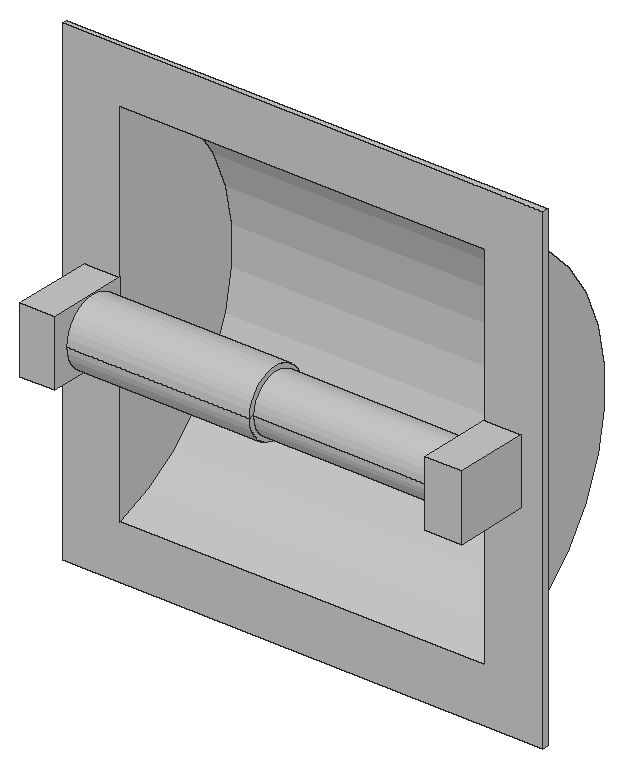
Revit family "Toilet Roll Dispenser_Metlam_Single_Recessed", category Specialty Equipment, Revit 2016
Family settings
  Part Type = Normal
  Round Connector Dimension = Use Diameter
  OmniClass Number = 23.40.20.21.21
  OmniClass Title = Toilet Paper Dispensers
  Work Plane-Based = No
  Always vertical = Yes
  Cut with Voids When Loaded = Yes
  Shared = No
  Room Calculation Point = Yes
Parameters (values of type "161w x 76d x 161h (ML260S)")
  URL = "http://www.metlam.com.au/"
  Type Comments = "Toilet Roll Dispensers"  # constant formula
  Model = "ML260S"
  Material_ANZRS = z_Metlam_Metal_Stainless Steel_Satin
  Manufacturer_URL__Product Specific = "http://www.metlam.com.au/product/content/toilet-roll-dispensers/ML260"
  Manufacturer_Spec Code = Model  # "ML260S"
  Manufacturer_Overall Width = 161 mm  # constant formula
  Manufacturer_Overall Height = 161 mm  # constant formula
  Manufacturer_Overall Depth = 76 mm  # constant formula
  Manufacturer_Height From FFL [instance] = 585 mm
  Manufacturer = "Metlam"  # constant formula
  Description = "Recessed Single Toilet Roll Holder"  # constant formula
  CreatedBy_ANZRS = "IGS BIM Solutions"  # constant formula
  CreatedByURL_ANZRS = "http://www.igsgroup.com.au/"
  Assembly Code = ""
Reference planes
  plane 1 "Back": y = 0
  plane 2 "Ref. Level": z = 0
  plane 3 "Center (Left/Right)": x = 0
  plane 4 "Right": x = 80.5
  plane 5 "Left": x = -80.5
  plane 6 "Recessed_Front": y = -47
  plane 7 "Top": z = 665.5
  plane 8 "Bottom": z = 504.5
  plane 9 "Mounting Height": z = 585
  plane 10 "Front": y = -76
Forms (mm)
  Revolve 1, solid, material "z_Metlam_Metal_Stainless Steel_Satin" <- "Material_ANZRS"
    sketch origin (-73.125, -1524, 585) x (-1, 0, 0) y (0, -1, 0)
      loop
        line (-11.703, -1463.68) -> (-11.703, -1452.68) -> (-73.125, -1452.68) -> (-73.125, -1454.18) -> (-133.932, -1454.18) -> (-133.932, -1463.68) -> (-11.703, -1463.68)
      axis (-11.703, -1463.68) -> (-133.932, -1463.68)
    angle from 0 to 360
  Extrusion 2, solid, material "z_Metlam_Metal_Stainless Steel_Satin" <- "Material_ANZRS"
    sketch origin (0, 0, 0) x (0, 1, 0) y (0, 0, 1)
      loop
        line (-49, 596) -> (-74, 596) -> (-74, 574) -> (-49, 574) -> (-49, 596)
    from 60.807 to 73.125
  Extrusion 3, solid, material "z_Metlam_Metal_Stainless Steel_Satin" <- "Material_ANZRS"
    sketch origin (0, 0, 0) x (0, 1, 0) y (0, 0, -1)
      loop
        line (-49, -596) -> (-49, -574) -> (-76, -574) -> (-76, -596) -> (-49, -596)
    from 61.422 to 73.125
  Extrusion 4, solid, material "z_Metlam_Metal_Stainless Steel_Satin" <- "Material_ANZRS"
    sketch origin (80.193, -47, -60.5) x (-1, 0, 0) y (0, 0, -1)
      loop
        line (160.693, -726) -> (160.693, -565) -> (-0.307, -565) -> (-0.307, -726) -> (160.693, -726)
      loop
        line (141.615, -707.982) -> (141.615, -583.018) -> (19.385, -583.018) -> (19.385, -707.982) -> (141.615, -707.982)
    from 0 to 2
  Extrusion 5, solid, material "z_Metlam_Metal_Stainless Steel_Satin" <- "Material_ANZRS"
    sketch origin (-80.807, 0, -60.5) x (0, 0, 1) y (0, -1, 0)
      loop
        arc (580.96, 49) -> (645.5, 0) -> (710.04, 49) r 67.004
        line (710.04, 49) -> (707.961, 49)
        arc (707.961, 49) -> (645.5, 2) -> (583.039, 49) r 65.004
        line (583.039, 49) -> (580.96, 49)
    from 19.385 to 141.615
  Extrusion 6, solid, material "z_Metlam_Metal_Stainless Steel_Satin" <- "Material_ANZRS"
    sketch origin (-80.807, 0, -60.5) x (0, 0, 1) y (0, -1, 0)
      loop
        arc (581.552, 47) -> (645.5, 0) -> (709.448, 47) r 67.004
        line (709.448, 47) -> (581.552, 47)
    from 19.385 to 18.4
  Extrusion 7, solid, material "z_Metlam_Metal_Stainless Steel_Satin" <- "Material_ANZRS"
    sketch origin (-80.807, 0, -60.5) x (0, 0, 1) y (0, -1, 0)
      loop
        arc (581.552, 47) -> (645.5, 0) -> (709.448, 47) r 67.004
        line (709.448, 47) -> (581.552, 47)
    from 142.6 to 141.615
  Extrusion 8, void
    sketch origin (0, 0, 0) x (0, 1, 0) y (0, 0, 1)
      loop
        arc (-49, 520.46) -> (0, 585) -> (-49, 649.54) r 67.004
        line (-49, 649.54) -> (-49, 520.46)
    from -62.407 to 61.793
Cuts and joins
  joined: Extrusion 4, Extrusion 5, Extrusion 6
Lines and regions (mm)
  Masking region 1
    outline origin (0, 0, 0) x (1, 0, 0) y (0, 1, 0)
      loop
        line (-80.5, 0) -> (-80.5, -49) -> (-73.125, -49) -> (-73.125, -76) -> (-61.115, -76) -> (-61.115, -73.32) -> (61.115, -73.32) -> (61.115, -76) -> (73.125, -76) -> (73.125, -49) -> (80.5, -49) -> (80.5, 0) -> (-80.5, 0)
  symbolic lines, style "Bathroom Fixtures", detail levels medium+fine
    curve 1: line (-80.5, -47, 0) -> (80.5, -47, 0)
    curve 2: line (61.115, -49, 0) -> (61.115, -73.32, 0)
    curve 3: line (-61.115, -49, 0) -> (-61.115, -73.32, 0)
    curve 4: line (73.125, -49, 0) -> (-73.125, -49, 0)
Text (mm)
  text "> Contact Manufacturer to confirm feasibility of design variations outside the scope of this Revit Family\n\n\n\nDisclaimer:\n\nDue to ongoing product development and manufacturing evolution, product details are subject to change without notice. Please refer to product technical data sheets on the manufacturer’s website for the most current product information. Please allow a +/- 5mm manufacturing tolerance for dimensions and set-outs shown in product literature." at (221.914, 93.138, 0), in view "Ref. Level_Instruction"
Dimensions and locks
  "Manufacturer_Overall Height": plane 7 "Top" to plane 8 "Bottom"
  "Manufacturer_Overall Width": plane 5 "Left" to plane 4 "Right"
  "Manufacturer_Height From FFL": plane 9 "Mounting Height" to level
  equal spacing: plane 7 "Top", plane 9 "Mounting Height", plane 8 "Bottom"
  locked: plane 10 "Front" to plane 6 "Recessed_Front" at 29
  "Manufacturer_Overall Depth": plane 10 "Front" to plane 1 "Back"
  aligned and locked: level to plane 2 "Ref. Level"
Automatic sketch dimensions
  Extrusion 2 sketch curve to Extrusion 2 sketch curve = 22 mm
  Extrusion 3 sketch curve to Extrusion 3 sketch curve = 22 mm
  Extrusion 2 sketch curve to Extrusion 2 sketch curve = 25 mm
  Extrusion 3 sketch curve to Extrusion 3 sketch curve = 27 mm
  plane 6 "Recessed_Front" to Extrusion 2 sketch curve = 2 mm
  plane 6 "Recessed_Front" to Extrusion 3 sketch curve = 2 mm
  Extrusion 3 sketch curve to plane 7 "Top" = 69.5 mm
  Revolve 1 sketch curve to plane 3 "Center (Left/Right)" = 0 mm
  plane 3 "Center (Left/Right)" to Revolve 1 sketch curve = 3.984 mm
  plane 4 "Right" to Revolve 1 sketch curve = 19.693 mm
  Revolve 1 sketch curve to plane 3 "Center (Left/Right)" = 17.5 mm
  plane 5 "Left" to Revolve 1 sketch curve = 19.078 mm
  plane 6 "Recessed_Front" to Revolve 1 sketch curve = 13.32 mm  (x2)
  Revolve 1 sketch curve to Revolve 1 sketch curve = 9.5 mm
  Revolve 1 sketch curve to Revolve 1 sketch curve = 1.5 mm
  Extrusion 2 sketch curve to plane 9 "Mounting Height" = 11 mm
  Extrusion 5 sketch curve to Extrusion 5 sketch curve = 0 mm  (x2)
  Extrusion 5 sketch curve to plane 9 "Mounting Height" = 0 mm
  Extrusion 5 sketch curve to plane 6 "Recessed_Front" = 2 mm  (x2)
  plane 8 "Bottom" to Extrusion 5 sketch curve = 18.039 mm
  Extrusion 5 sketch curve to Extrusion 5 sketch curve = 2.079 mm
  plane 10 "Front" to Extrusion 5 sketch curve = 8.996 mm
  Extrusion 6 sketch curve to plane 6 "Recessed_Front" = 0 mm
  Extrusion 6 sketch curve to plane 9 "Mounting Height" = 0 mm
  plane 8 "Bottom" to Extrusion 6 sketch curve = 16.552 mm
  plane 10 "Front" to Extrusion 6 sketch curve = 8.996 mm
  Extrusion 7 sketch curve to plane 6 "Recessed_Front" = 0 mm
  Extrusion 7 sketch curve to plane 9 "Mounting Height" = 0 mm
  plane 8 "Bottom" to Extrusion 7 sketch curve = 16.552 mm
  plane 10 "Front" to Extrusion 7 sketch curve = 8.996 mm
  Extrusion 4 sketch curve to plane 7 "Top" = 0 mm
  Extrusion 4 sketch curve to plane 8 "Bottom" = 0 mm
  Extrusion 4 sketch curve to plane 5 "Left" = 161 mm
  Extrusion 4 sketch curve to Extrusion 4 sketch curve = 19.693 mm
  plane 7 "Top" to Extrusion 4 sketch curve = 18.018 mm
  Extrusion 4 sketch curve to Extrusion 4 sketch curve = 122.229 mm
  Extrusion 4 sketch curve to Extrusion 4 sketch curve = 19.078 mm
  plane 8 "Bottom" to Extrusion 4 sketch curve = 18.018 mm
  plane 1 "Back" to Masking region 1 sketch curve = 0 mm
  Masking region 1 sketch curve to plane 5 "Left" = 0 mm
  plane 10 "Front" to Masking region 1 sketch curve = 0 mm  (x2)
  Masking region 1 sketch curve to plane 4 "Right" = 0 mm
  plane 6 "Recessed_Front" to Masking region 1 sketch curve = 2 mm  (x2)
  plane 5 "Left" to Masking region 1 sketch curve = 7.375 mm
  Masking region 1 sketch curve to Masking region 1 sketch curve = 12.01 mm
  plane 4 "Right" to Masking region 1 sketch curve = 19.385 mm
  Masking region 1 sketch curve to Masking region 1 sketch curve = 7.375 mm
  Masking region 1 sketch curve to plane 10 "Front" = 2.68 mm
  curve 1 to plane 5 "Left" = 0 mm
  curve 1 to plane 4 "Right" = 0 mm
  plane 6 "Recessed_Front" to curve 1 = 0 mm
  plane 6 "Recessed_Front" to curve 4 = 2 mm
  plane 5 "Left" to curve 4 = 7.375 mm
  curve 4 to curve 3 = 12.01 mm
  curve 2 to plane 10 "Front" = 2.68 mm
  plane 4 "Right" to curve 2 = 19.385 mm
  plane 4 "Right" to curve 4 = 7.375 mm
  curve 3 to plane 10 "Front" = 2.68 mm
  Extrusion 8 sketch curve to plane 9 "Mounting Height" = 0 mm
  plane 6 "Recessed_Front" to Extrusion 8 sketch curve = 2 mm
  Extrusion 8 sketch curve to plane 10 "Front" = 8.996 mm
  Extrusion 8 sketch curve to plane 7 "Top" = 15.96 mm
